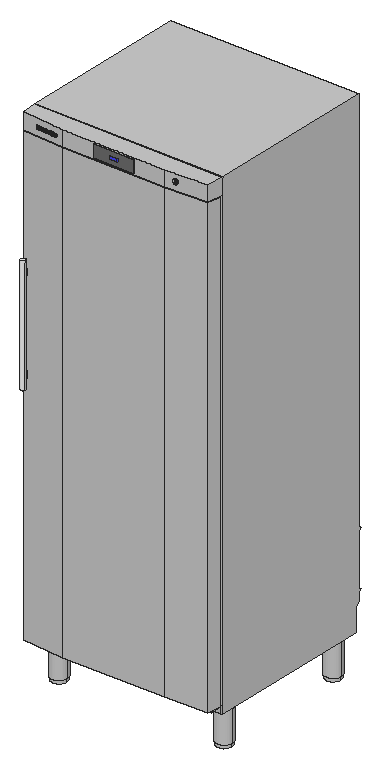
Revit family "QF_LIEBHERR_GKv 6460.220712090836", category Specialty Equipment, Revit 2016
Family settings
  Part Type = Normal
  Round Connector Dimension = Use Diameter
  OmniClass Number = 23.40.40.14
  OmniClass Title = Food Service Equipment
  Work Plane-Based = No
  Always vertical = Yes
  Cut with Voids When Loaded = No
  Shared = No
  Room Calculation Point = No
Parameters (values of type "GKV 6460_230V/1Ph/50Hz")
  URL catalogue = ""
  URL = "home.liebherr.com"
  Type de Raccord Electrique [instance] = ""
  Type article [instance] = ""
  Tension = 230 V
  Status [instance] = ""
  Spécification technique = ""
  Spécification du Fabricant [instance] = ""
  Spécification de l'Utilisateur [instance] = ""
  SMACNA No spécifique pour les matériaux  Etats Unis = ""
  Quantité par lot [instance] = no
  Puissance électrique  = 90 W
  Puissance en CV = ""
  Puissance Apparente = 90 VA
  Protection de l'Appareil = 0 A
  Profondeur hors tout = 750 mm
  Poids net à vide = 95.00 kg
  Phase = 1
  Numéro de Série = ""
  Nombres de Pôles = 2
  Nombre d'identification NAFEM = ""
  Model = "GKv 6460"
  Manufacturer = "LIEBHERR"
  Longueur hors tout = 747 mm
  Intensité nominale courant electrique = 1.3 A
  Installé Par [instance] = ""
  Identifiant Equipement [instance] = no
  Hauteur hors tout = 2064 mm
  Hauteur de Raccordement du Sol Finis [instance] = 50 mm
  Hauteur de Raccordement du Sol Brut [instance] = 0 mm
  Fréquence = 50 Hz
  Fournis Par [instance] = ""
  Description = "REFRIGERATEUR GN GKV 6460 +1/+15°C, CARROSSERIE INOX CUVE PS, 664 L"
  Câble de connexion à l'appareil inclus = no
  Cost = 0
  Consommation d'énergie minimale = 0 A
  Connexion prise électrique  = ""
  Code de Révision [instance] = ""
  Classification dans le projet = ""
  Classement sismique = ""
  Accessoires = no
Reference planes
  plane 1 "Centre (avant/arrière)": y = 0
  plane 2: z = 0
  plane 3 "Centre (gauche/droite)": x = 0
Forms (mm)
  Extrusion 1, solid, not visible
    sketch origin (699, -2, 199) x (1, 0, 0) y (0, 1, 0)
      loop
        line (0, 0) -> (2, 0) -> (2, 2) -> (0, 2) -> (0, 0)
    from 0 to 2
Dimensions and locks
  aligned and locked: level to plane 2
Nested families
  nested 1: "QF_LIEBHERR_GKV 6460_230V_1Ph_50Hz" at (0, 0, 150), type "GKV 6460_230V/1Ph/50Hz"
    with Show Logo yes, Show Clearance yes
  nested 2: "QF_LIEBHERR_GGV5860_DOOR_RX" at (0, 0, 150), type "GGV5860_DOOR_RX"
    with Show Logo yes, Show Clearance yes
  nested 3: "QF_LIEBHERR_GG5210_LEGS" at (0, 0, 0), type "GG5210_LEGS"
    with Show Logo yes, Show Clearance yes
Connectors
  electrical at (700, 0, 200), driven by "Puissance Apparente", driven by "Nombres de Pôles", driven by "Tension"
    settings: on Extrusion 1, index 1, voltage 230 V, apparent load 0 VA, apparent load phase1 90 VA, apparent load phase2 0 VA, apparent load phase3 0 VA, power factor 1, load classification "Other", number of poles 2, system type 31, power factor state 1, is connector primary yes, connector utility no, sub classification motor no, connector description "Electric connection for 'GKV 6460'"
Definition of nested family "QF_LIEBHERR_GKV 6460_230V_1Ph_50Hz"
  Parameters (values of type "GKV 6460_230V/1Ph/50Hz")
    URL = "home.liebherr.com"
    Show Logo [instance] = yes
    Show Clearance [instance] = yes
    Model = "GKv 6460"
    Manufacturer = "LIEBHERR"
    Description = "GN FRIDGE GKV 6460, +1/+15°C, S/STEEL EXTERIOR PS INTERIOR, 491 L NET"
    Assembly Code = "E1090320"
  Types (2, lengths in mm): name | Model | Description
    GGv 5860 | "GGv 5860" | "FREEZER GGV 5860, -14/-28°C, S/STEEL EXTERIOR PS INTERIOR,  377 L NET"
    GKV 6460_230V/1Ph/50Hz | "GKv 6460" | "GN FRIDGE GKV 6460, +1/+15°C, S/STEEL EXTERIOR PS INTERIOR, 491 L NET"
  Reference planes
    plane 1 "Back": y = 0
    plane 2: z = 0
    plane 3 "Left": x = 0
    plane 4 "Right": x = 747
    plane 5 "Front": y = -750
    plane 6 "Top": z = 1914
  Forms (mm)
    Extrusion 1, solid
      sketch origin (75.077, -61.72, -14.95) x (0, 1, 0) y (0, 0, 1)
        loop
          line (61.72, 1928.95) -> (-615, 1928.95) -> (-615, 14.95) -> (46.72, 14.95) -> (48.275, 104.004) -> (61.72, 117.45) -> (61.72, 148.95) -> (71.72, 158.95) -> (61.72, 168.95) -> (61.72, 367.95) -> (71.72, 377.95) -> (61.72, 387.95) -> (61.72, 1928.95)
      from -75.077 to 671.923
    Extrusion 2, solid
      sketch origin (75.077, -69.97, 14) x (1, 0, 0) y (0, 1, 0)
        loop
          line (-75.077, -606.75) -> (-69.391, -670.758) -> (95.83, -680.03) -> (501.016, -680.03) -> (666.236, -670.758) -> (671.923, -606.75) -> (-75.077, -606.75)
      from 1837.899 to 1900
    Extrusion 3, solid
      sketch origin (75.077, 8.25, 7.25) x (1, 0, 0) y (0, 1, 0)
        loop
          line (-43.077, 1.25) -> (-43.077, -8.25) -> (158.923, -8.25) -> (158.923, 1.25) -> (-43.077, 1.25)
        loop
          line (447.923, 1.25) -> (447.923, -8.25) -> (639.923, -8.25) -> (639.923, 1.25) -> (447.923, 1.25)
      from 1840.75 to 1890.75
    Extrusion 4, solid, visible <- "Show Logo"
      sketch origin (-246.433, -726.58, -49.148) x (0.998429, -0.05603, 0) y (0, 0, 1)
        loop
          line (309.542, 1937.598) -> (309.542, 1926.598) -> (317.534, 1926.598) -> (317.534, 1929.598) -> (314.534, 1929.598) -> (314.534, 1937.598) -> (309.542, 1937.598)
        loop
          line (318.542, 1937.598) -> (318.542, 1926.598) -> (323.534, 1926.598) -> (323.534, 1937.598) -> (318.542, 1937.598)
        loop
          line (325.425, 1937.598) -> (325.425, 1926.598) -> (332.444, 1926.598) -> (332.444, 1929.098) -> (330.418, 1929.098) -> (330.418, 1931.098) -> (332.444, 1931.098) -> (332.444, 1933.098) -> (330.418, 1933.098) -> (330.418, 1935.098) -> (332.444, 1935.098) -> (332.444, 1937.598) -> (325.425, 1937.598)
        loop
          line (334.425, 1937.598) -> (334.425, 1926.598) -> (341.444, 1926.598)
          arc (341.444, 1926.598) -> (344.324, 1928.719) -> (343.152, 1932.098) r 3.015
          arc (343.152, 1932.098) -> (344.324, 1935.477) -> (341.444, 1937.598) r 3.015
          line (341.444, 1937.598) -> (334.425, 1937.598)
        loop
          line (340.389, 1935.098) -> (339.418, 1935.098) -> (339.418, 1933.098) -> (340.389, 1933.098)
          arc (340.389, 1933.098) -> (341.389, 1934.098) -> (340.389, 1935.098) r 1
        loop
          arc (340.456, 1929.098) -> (341.456, 1930.098) -> (340.456, 1931.098) r 1
          line (340.456, 1931.098) -> (339.418, 1931.098) -> (339.418, 1929.098) -> (340.456, 1929.098)
        loop
          line (346.398, 1937.598) -> (346.398, 1926.598) -> (351.391, 1926.598) -> (351.391, 1931.098) -> (353.417, 1931.098) -> (353.417, 1926.598) -> (358.41, 1926.598) -> (358.41, 1937.598) -> (353.417, 1937.598) -> (353.417, 1933.098) -> (351.391, 1933.098) -> (351.391, 1937.598) -> (346.398, 1937.598)
        loop
          line (359.811, 1937.598) -> (359.811, 1926.598) -> (366.83, 1926.598) -> (366.83, 1929.098) -> (364.803, 1929.098) -> (364.803, 1931.098) -> (366.83, 1931.098) -> (366.83, 1933.098) -> (364.803, 1933.098) -> (364.803, 1935.098) -> (366.83, 1935.098) -> (366.83, 1937.598) -> (359.811, 1937.598)
        loop
          line (368.822, 1937.598) -> (368.822, 1926.598) -> (373.814, 1926.598) -> (373.814, 1929.098) -> (374.887, 1926.598) -> (379.88, 1926.598) -> (378.318, 1930.237)
          arc (378.318, 1930.237) -> (379.724, 1934.807) -> (375.841, 1937.598) r 4.097
          line (375.841, 1937.598) -> (368.822, 1937.598)
        loop
          line (374.786, 1935.098) -> (373.814, 1935.098) -> (373.814, 1932.141) -> (374.786, 1932.141)
          arc (374.786, 1932.141) -> (376.264, 1933.619) -> (374.786, 1935.098) r 1.479
        loop
          line (381.56, 1937.598) -> (381.56, 1926.598) -> (386.553, 1926.598) -> (386.553, 1929.098) -> (387.626, 1926.598) -> (392.618, 1926.598) -> (391.057, 1930.237)
          arc (391.057, 1930.237) -> (392.463, 1934.807) -> (388.58, 1937.598) r 4.097
          line (388.58, 1937.598) -> (381.56, 1937.598)
        loop
          line (387.524, 1935.098) -> (386.553, 1935.098) -> (386.553, 1932.141) -> (387.524, 1932.141)
          arc (387.524, 1932.141) -> (389.003, 1933.619) -> (387.524, 1935.098) r 1.479
      from 0 to 2
    Extrusion 5, solid
      sketch origin (250, 0, 0) x (1, 0, 0) y (0, 0, 1)
        loop
          circle (450, 50) r 5
      from 0 to 15
    Extrusion 6, solid
      sketch origin (75.077, -68.97, 33.95) x (1, 0, 0) y (0, 1, 0)
        loop
          line (218.423, -682.18) -> (378.423, -682.18) -> (378.423, -680.18) -> (218.423, -680.18) -> (218.423, -682.18)
      from 1822.949 to 1872.949
    Extrusion 7, solid
      sketch origin (75.077, -750, 28.95) x (1, 0, 0) y (0, 0, 1)
        loop
          line (283.423, 1847.949) -> (313.423, 1847.949) -> (313.423, 1857.949) -> (283.423, 1857.949) -> (283.423, 1847.949)
      from 0 to 2
    Extrusion 8, solid
      sketch origin (1589.05, -748.729, 1110.795) x (-1, 0, 0) y (0, 0, 1)
        loop
          circle (971.55, 773.43) r 9.525
      from 0 to 1.588
    Extrusion 9, solid
      sketch origin (1589.05, -748.729, 1110.795) x (-1, 0, 0) y (0, 0, 1)
        loop
          circle (971.55, 773.43) r 7.53
        loop
          line (972.187, 776.799) -> (970.913, 776.799) -> (970.913, 770.061) -> (972.187, 770.061) -> (972.187, 776.799)
      from 0 to -2.342
  Lines and regions (mm)
    symbolic lines
      curve 1: line (0, 0, 0) -> (747, 0, 0)
      curve 2: line (747, 9.5, 0) -> (747, -676.72, 0)
      curve 3: line (0, -676.72, 0) -> (0, 9.5, 0)
      curve 4: line (0, 9.5, 0) -> (747, 9.5, 0)
      curve 5: line (0, -676.72, 0) -> (747, -676.72, 0)
      curve 6: line (32, 9.5, 0) -> (32, 0, 0)
      curve 7: line (234, 9.5, 0) -> (234, 0, 0)
      curve 8: line (523, 9.5, 0) -> (523, 0, 0)
      curve 9: line (715, 9.5, 0) -> (715, 0, 0)
      curve 10: line (0, -676.72, 0) -> (5.686, -740.728, 0)
      curve 11: line (5.686, -740.728, 0) -> (170.907, -750, 0)
      curve 12: line (170.907, -750, 0) -> (576.093, -750, 0)
      curve 13: line (741.314, -740.728, 0) -> (576.093, -750, 0)
      curve 14: line (741.314, -740.728, 0) -> (747, -676.72, 0)
  Dimensions and locks
    plane 5 "Front" to plane 1 "Back" = 750 mm
    plane 3 "Left" to plane 4 "Right" = 747 mm
    plane 6 "Top" to level = 1914 mm
    aligned and locked: level to plane 2
  Connectors
    electrical at (700, 0, 50)
      settings: on Extrusion 5, index 1, voltage 0 V, apparent load 0 VA, apparent load phase1 0 VA, apparent load phase2 0 VA, apparent load phase3 0 VA, power factor 1, load classification none, number of poles 1, system type 31, power factor state 1, is connector primary yes, connector utility no, sub classification motor no, connector description "Electrical connection"
Definition of nested family "QF_LIEBHERR_GGV5860_DOOR_RX"
  Parameters (values of type "GGV5860_DOOR_RX")
    URL catalogue [instance] = ""
    URL = "home.liebherr.com"
    Status [instance] = ""
    Spécification technique [instance] = ""
    Spécification du Fabricant [instance] = ""
    Spécification de l'Utilisateur [instance] = ""
    Show Logo [instance] = yes
    Show Clearance [instance] = yes
    SMACNA No spécifique pour les matériaux  Etats Unis [instance] = ""
    Quantité par lot [instance] = no
    Profondeur hors tout [instance] = 73 mm
    Poids net à vide [instance] = 0.00 kg
    Numéro de Série [instance] = ""
    Nombre d'identification NAFEM [instance] = ""
    Model = "GGV5860_DOOR_RX"
    Manufacturer = "LIEBHERR"
    Longueur hors tout [instance] = 747 mm
    Installé Par [instance] = ""
    Identifiant Equipement [instance] = no
    Hauteur hors tout [instance] = 1815 mm
    Fournis Par [instance] = ""
    Description = "PORTE AVEC OUVERTURE SUR LA DROITE"
    Cost = 0
    Code de Révision [instance] = ""
    Classification dans le projet [instance] = ""
    Classement sismique [instance] = ""
    Assembly Code = "E1090320"
    Accessoires [instance] = yes
  Reference planes
    plane 1 "Back": y = 0
    plane 2: z = 0
    plane 3 "Left": x = 0
    plane 4 "Right": x = 747
    plane 5 "Front": y = -750
    plane 6 "Top": z = 1851.899
  Forms (mm)
    Extrusion 1, solid
      sketch origin (24.524, -0.515, 0) x (0, 1, 0) y (0, 0, 1)
        loop
          line (-689.839, 1832.502) -> (-689.839, 52.762) -> (-676.205, 52.762) -> (-676.205, 1832.502) -> (-689.839, 1832.502)
      from -9.524 to 707.476
    Extrusion 2, solid
      sketch origin (20.986, 2.778, -14.365) x (1, 0, 0) y (0, 1, 0)
        loop
          circle (709.086, -713.896) r 10
      from 42.671 to 46.168
    Extrusion 3, solid
      sketch origin (21.017, 2.778, 1802.831) x (1, 0, 0) y (0, 1, 0)
        loop
          circle (709.086, -713.896) r 10
      from 44.671 to 49.068
    Extrusion 4, solid, visible <- "Show Clearance", detail levels coarse
      sketch origin (-1.5, -0.515, 0) x (1, 0, 0) y (0, 1, 0)
        loop
          line (748.5, -749.455) -> (1.498, -749.455)
          arc (1.498, -749.455) -> (207.656, -1226.202) -> (675.5, -1451.836) r 743.872
          line (675.5, -1451.836) -> (748.5, -1451.836) -> (748.5, -749.455)
      from 31.803 to 1847.502
    Extrusion 5, solid
      sketch origin (749.059, -0.515, -14.365) x (0, 1, 0) y (0, 0, -1)
        loop
          line (-676.205, -15.265) -> (-680.221, -15.265) -> (-680.221, -39.157) -> (-723.896, -39.157) -> (-723.896, -42.671) -> (-676.205, -42.671) -> (-676.205, -15.265)
      from 5.453 to 46.453
    Extrusion 6, solid
      sketch origin (75, -69.97, 0) x (1, 0, 0) y (0, 1, 0)
        loop
          line (-73.789, -620.385) -> (-69.314, -670.758) -> (95.907, -680.03) -> (501.093, -680.03) -> (666.314, -670.758) -> (670.789, -620.385) -> (-73.789, -620.385)
      from 31.803 to 1847.502
    Extrusion 7, solid
      sketch origin (-1.459, -75.734, -138.703) x (1, 0, 0) y (0, 1, 0)
        loop
          arc (3.682, -654.047) -> (9.479, -674.601) -> (24.635, -689.648) r 42
          arc (24.635, -689.648) -> (30.1, -687.782) -> (35.804, -688.686) r 12
          line (35.804, -688.686) -> (37.258, -686.062)
          arc (37.258, -686.062) -> (31.11, -684.564) -> (25.055, -686.401) r 12
          arc (25.055, -686.401) -> (11.955, -672.892) -> (6.705, -654.822) r 39
          line (6.705, -654.822) -> (6.705, -614.62) -> (2.98, -614.62) -> (3.682, -654.047)
      from 1487.903 to 1512.903
    Extrusion 8, solid
      sketch origin (-1.459, -75.734, -503.703) x (1, 0, 0) y (0, 1, 0)
        loop
          arc (3.682, -654.047) -> (9.479, -674.601) -> (24.635, -689.648) r 42
          arc (24.635, -689.648) -> (30.1, -687.782) -> (35.804, -688.686) r 12
          line (35.804, -688.686) -> (37.258, -686.062)
          arc (37.258, -686.062) -> (31.11, -684.564) -> (25.055, -686.401) r 12
          arc (25.055, -686.401) -> (11.955, -672.892) -> (6.705, -654.822) r 39
          line (6.705, -654.822) -> (6.705, -614.62) -> (2.98, -614.62) -> (3.682, -654.047)
      from 1487.903 to 1512.903
    Extrusion 9, solid
      sketch origin (-1.459, -75.734, -138.703) x (1, 0, 0) y (0, 1, 0)
        loop
          circle (31.077, -696.739) r 9
      from 1087.903 to 1547.903
  Lines and regions (mm)
    symbolic lines, visible <- "Show Clearance"
      curve 1: line (747, -1452.351, 0) -> (747, -676.72, 0)
      curve 2: line (674, -1452.351, 0) -> (747, -1452.351, 0)
      curve 3: arc (-0.108, -675.505, 0) -> (181.049, -1199.207, 0) -> (674, -1452.351, 0) r 743.872
      curve 4: line (674, -1452.351, 0) -> (674, -744.506, 0)
  Dimensions and locks
    plane 5 "Front" to plane 1 "Back" = 750 mm
    plane 3 "Left" to plane 4 "Right" = 747 mm
    plane 6 "Top" to level = 1851.899 mm
    aligned and locked: level to plane 2
Definition of nested family "QF_LIEBHERR_GG5210_LEGS"
  Parameters (values of type "GG5210_LEGS")
    URL catalogue [instance] = ""
    URL = "home.liebherr.com"
    Status [instance] = ""
    Spécification technique [instance] = ""
    Spécification du Fabricant [instance] = ""
    Spécification de l'Utilisateur [instance] = ""
    Show Logo [instance] = yes
    Show Clearance [instance] = yes
    SMACNA No spécifique pour les matériaux  Etats Unis [instance] = ""
    Quantité par lot [instance] = no
    Profondeur hors tout [instance] = 750 mm
    Poids net à vide [instance] = 0.00 kg
    Numéro de Série [instance] = ""
    Nombre d'identification NAFEM [instance] = ""
    Model = "GG5210_LEGS"
    Manufacturer = "LIEBHERR"
    Longueur hors tout [instance] = 747 mm
    Installé Par [instance] = ""
    Identifiant Equipement [instance] = no
    Hauteur hors tout [instance] = 150 mm
    Fournis Par [instance] = ""
    Description = "PIEDS STANDARD"
    Cost = 0
    Code de Révision [instance] = ""
    Classification dans le projet [instance] = ""
    Classement sismique [instance] = ""
    Assembly Code = "E1090320"
    Accessoires [instance] = yes
  Reference planes
    plane 1 "Back": y = 0
    plane 2: z = 0
    plane 3 "Left": x = 0
    plane 4 "Right": x = 747
    plane 5 "Front": y = -750
    plane 6 "Top": z = 150
  Forms (mm)
    Revolve 1, solid
      sketch origin (0, -69.1, 0) x (1, 0, 0) y (0, 0, 1)
        loop
          line (45, 0) -> (75, 0) -> (75, 14) -> (78.027, 14) -> (78.027, 143) -> (84.75, 143) -> (84.75, 150) -> (45, 150) -> (45, 0)
        axis (45, 150) -> (45, 0)
      angle from 0 to 360
    Revolve 2, solid
      sketch origin (657, -69.1, 0) x (1, 0, 0) y (0, 0, 1)
        loop
          line (45, 0) -> (75, 0) -> (75, 14) -> (78.027, 14) -> (78.027, 143) -> (84.75, 143) -> (84.75, 150) -> (45, 150) -> (45, 0)
        axis (45, 150) -> (45, 0)
      angle from 0 to 360
    Revolve 3, solid
      sketch origin (0, -611.8, 0) x (1, 0, 0) y (0, 0, 1)
        loop
          line (45, 0) -> (75, 0) -> (75, 14) -> (78.027, 14) -> (78.027, 143) -> (84.75, 143) -> (84.75, 150) -> (45, 150) -> (45, 0)
        axis (45, 150) -> (45, 0)
      angle from 0 to 360
    Revolve 4, solid
      sketch origin (657, -611.8, 0) x (1, 0, 0) y (0, 0, 1)
        loop
          line (45, 0) -> (75, 0) -> (75, 14) -> (78.027, 14) -> (78.027, 143) -> (84.75, 143) -> (84.75, 150) -> (45, 150) -> (45, 0)
        axis (45, 150) -> (45, 0)
      angle from 0 to 360
  Dimensions and locks
    plane 5 "Front" to plane 1 "Back" = 750 mm
    plane 3 "Left" to plane 4 "Right" = 747 mm
    plane 6 "Top" to level = 150 mm
    aligned and locked: level to plane 2
